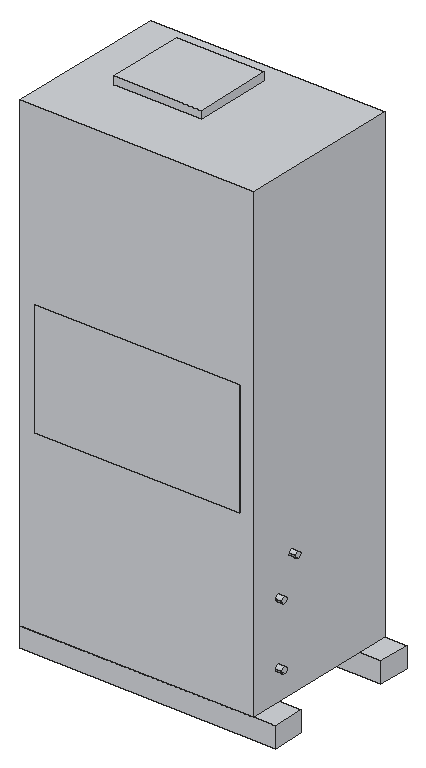
Revit family "35462c96e24b46b5b3bf146a3dc871b3", category Mechanical Equipment, Revit 2021
Family settings
  Round Connector Dimension = Use Radius
  Part Type = Normal
  OmniClass Number = 23.75.10.24.21.27.11
  OmniClass Title = Packaged Air Conditioners
  Seek Item ID = Air Conditioner - Vertical Packaged - Water Cooled - 3-5 Tons-0000-USA-ENU
  Work Plane-Based = No
  Always vertical = Yes
  Cut with Voids When Loaded = No
  Shared = No
  Room Calculation Point = No
Parameters (values of type "3 Tons")
  Voltage = 460 V
  Pressure Drop [instance] = 4.942 psi
  Outlet Radius = 3/8"
  Outlet Diameter = Outlet Radius * 2  # 3/4"
  Number of Poles = 3
  Unit Material = none
  Load Classification = Cooling
  Inlet Radius = 3/8"
  Inlet Diameter = Inlet Radius * 2  # 3/4"
  Height 2 = (Conditioner Height - Height 1) / 2  # 2' - 0 73/256"
  Height 1 = 1' - 3 77/128"
  Flow [instance] = 9 GPM
  Duct Width = 11 119/128"
  Duct Height = 10 161/256"
  Drain Radius = 3/8"
  Drain Flow [instance] = 0 GPM
  Default Elevation = 0' - 0"
  Conditioner Width = 1' - 10 61/256"
  Conditioner Length = 2' - 7 57/64"
  Conditioner Height = 5' - 4 11/64"
  C5 Offset 2 = 0' - 6 9/32"
  C5 Offset 1 = 1' - 8 51/256"
  C4 Offset 1 = 0' - 5 83/128"
  C3 Offset 2 = 0' - 10 69/256"
  C3 Offset 1 = 0' - 4 45/128"
  C2 Offset 2 = 0' - 8 37/64"
  C1 Offset 2 = 0' - 4 21/64"
  C1 Offset 1 = 0' - 3 241/256"
  Apparent Load = 3000 VA
  Air Flow [instance] = 1200 CFM
Types (3): name | Pressure Drop | Height 2 | Height 1 | Flow | Duct Width | Duct Height | Conditioner Width | Conditioner Length | Conditioner Height | C5 Offset 2 | C5 Offset 1 | C4 Offset 1 | C3 Offset 2 | C2 Offset 2 | C1 Offset 2 | Apparent Load | Air Flow
  (no name) | 4.942 psi | 2' - 0 73/256" | 1' - 3 77/128" | 9 GPM | 11 119/128" | 10 161/256" | 1' - 10 61/256" | 2' - 7 57/64" | 5' - 4 11/64" | 0' - 6 9/32" | 1' - 8 51/256" | 0' - 5 83/128" | 0' - 10 69/256" | 0' - 8 37/64" | 0' - 4 21/64" | 3000 VA | 1200 CFM
  3 Tons | 4.942 psi | 2' - 0 73/256" | 1' - 3 77/128" | 9 GPM | 11 119/128" | 10 161/256" | 1' - 10 61/256" | 2' - 7 57/64" | 5' - 4 11/64" | 0' - 6 9/32" | 1' - 8 51/256" | 0' - 5 83/128" | 0' - 10 69/256" | 0' - 8 37/64" | 0' - 4 21/64" | 3000 VA | 1200 CFM
  5 Tons | 6.459 psi | 2' - 3 1/2" | 1' - 8 251/256" | 15 GPM | 13 1/32" | 11 39/64" | 2' - 0 3/256" | 3' - 0 105/256" | 6' - 3 251/256" | 0' - 7 13/128" | 2' - 0 51/256" | 0' - 7 187/256" | 1' - 1 5/256" | 0' - 6 97/256" | 0' - 5 55/128" | 5300 VA | 2000 CFM
Reference planes (in)
  plane 1 "Center (Front/Back)": y = 0
  plane 2: z = 0
  plane 3 "Center (Left/Right)": x = 0
  plane 4: x = 31.89063
  plane 5: z = 66.93188
  plane 6: y = 22.23828
  plane 7: z = 2.76
  plane 8: z = 27.04516
  plane 9: z = 42.64672
  plane 10: x = 2
  plane 11: x = 29.89063
  plane 12: x = 34.89063
  plane 13: y = 4.3
  plane 14: y = 17.93828
  plane 15: z = 7.08813
  plane 16: z = 15.66625
  plane 17: y = 3.94141
  plane 18: z = 10.26953
  plane 19: y = 17.88672
  plane 20: x = 32.89063
  plane 21: x = 5.64844
  plane 22: x = 17.57813
  plane 23: y = 8.93937
  plane 24: y = 19.56828
  plane 25: z = 67.93188
  plane 26: z = 20.19922
  plane 27: y = 6.28125
Forms (in)
  Extrusion 1, solid, material <- "Unit Material"
    sketch origin (0, 0, 0) x (1, 0, 0) y (0, 1, 0)
      loop
        line (0, 22.23828) -> (0, 0) -> (31.89063, 0) -> (31.89063, 22.23828) -> (0, 22.23828)
    from 2.76 to 66.93188
  Extrusion 2, solid, material <- "Unit Material", detail levels fine
    sketch origin (0, 0, 0) x (1, 0, 0) y (0, 0, 1)
      loop
        line (2, 42.64672) -> (2, 27.04516) -> (29.89063, 27.04516) -> (29.89063, 42.64672) -> (2, 42.64672)
    from -19.56828 to 0
  Extrusion 3, solid, material <- "Unit Material"
    sketch origin (0, 0, 0) x (1, 0, 0) y (0, 0, 1)
      loop
        line (0, 2.76) -> (0, 0) -> (34.89063, 0) -> (34.89063, 2.76) -> (0, 2.76)
    from -4.3 to 0
  Extrusion 4, solid, material <- "Unit Material"
    sketch origin (0, 29.51953, 0) x (1, 0, 0) y (0, 0, -1)
      loop
        line (0, -2.76) -> (34.89063, -2.76) -> (34.89063, 0) -> (0, 0) -> (0, -2.76)
    from -11.58125 to -7.28125
  Extrusion 5, solid, material <- "Unit Material"
    sketch origin (0, 0, 0) x (0, 1, 0) y (0, 0, 1)
      loop
        circle (17.88672, 10.26953) r 0.5
    from 29.89062 to 31.89063
  Extrusion 6, solid, material <- "Unit Material"
    sketch origin (0, 0, 0) x (0, 1, 0) y (0, 0, 1)
      loop
        circle (3.94141, 7.08813) r 0.375
    from 31.89063 to 32.89062
  Extrusion 7, solid, material <- "Unit Material"
    sketch origin (0, 0, 0) x (0, 1, 0) y (0, 0, 1)
      loop
        circle (3.94141, 15.66625) r 0.375
    from 32.89062 to 31.89063
  Extrusion 8, solid
    sketch origin (0, 0, 0) x (1, 0, 0) y (0, 1, 0)
      loop
        line (5.64844, 19.56828) -> (5.64844, 8.93937) -> (17.57813, 8.93937) -> (17.57813, 19.56828) -> (5.64844, 19.56828)
    from 66.93188 to 67.93188
  Extrusion 9, solid
    sketch origin (0, 0, 0) x (0, 1, 0) y (0, 0, 1)
      loop
        circle (6.28125, 20.19922) r 0.375
    from 31.89063 to 32.89062
Cuts and joins
  joined: Extrusion 1, Extrusion 5, Extrusion 6, Extrusion 7
Lines and regions (in)
  model lines
    curve 1: line (2, 0, 39.52641) -> (29.89063, 0, 39.52641)
    curve 2: line (2, 0, 36.40609) -> (29.89063, 0, 36.40609)
    curve 3: line (2, 0, 33.28578) -> (29.89063, 0, 33.28578)
    curve 4: line (2, 0, 30.16547) -> (29.89063, 0, 30.16547)
Dimensions and locks (in)
  "Conditioner Length": plane 4 to plane 3 "Center (Left/Right)"
  "Conditioner Width": plane 1 "Center (Front/Back)" to plane 6
  locked: plane 7 to plane 2 at 2.76
  "Conditioner Height": plane 5 to plane 7
  "Height 2": plane 8 to plane 7
  "Height 1": plane 9 to plane 8
  locked: plane 10 to plane 3 "Center (Left/Right)" at 2
  locked: plane 4 to plane 11 at 2
  locked: plane 12 to plane 4 at 3
  locked: plane 1 "Center (Front/Back)" to plane 13 at 4.3
  locked: plane 14 to plane 6 at 4.3
  "C1 Offset 2": plane 15 to plane 7
  "C2 Offset 2": plane 16 to plane 15
  "C1 Offset 1": plane 1 "Center (Front/Back)" to plane 17
  "C3 Offset 2": plane 18 to plane 2
  "C3 Offset 1": plane 19 to plane 6
  locked: plane 4 to plane 20 at 1
  equal spacing: plane 9, curve 1, curve 2, curve 3, curve 4, plane 8
  "C4 Offset 1": plane 3 "Center (Left/Right)" to plane 21
  "Duct Width": plane 21 to plane 22
  locked: plane 24 to plane 6 at 2.67
  "Duct Height": plane 24 to plane 23
  locked: plane 25 to plane 5 at 1
  "C5 Offset 1": plane 26 to plane 2
  "C5 Offset 2": plane 27 to plane 1 "Center (Front/Back)"
  radius of Extrusion 5 sketch curve = 0' - 0 1/2"
  "Inlet Radius": radius of Extrusion 6 sketch curve
  "Outlet Radius": radius of Extrusion 7 sketch curve
  "Drain Radius": radius of Extrusion 9 sketch curve
  aligned and locked: plane 3 "Center (Left/Right)" to Extrusion 1 sketch curve
  aligned and locked: plane 6 to Extrusion 1 sketch curve
  aligned and locked: plane 1 "Center (Front/Back)" to Extrusion 1 sketch curve
  aligned and locked: Extrusion 1 sketch curve to plane 4
  aligned and locked: plane 5 to Extrusion 1
  aligned and locked: Extrusion 1 to plane 7
  aligned and locked: plane 10 to Extrusion 2 sketch curve
  aligned and locked: Extrusion 2 sketch curve to plane 9
  aligned and locked: plane 8 to Extrusion 2 sketch curve
  aligned and locked: Extrusion 2 sketch curve to plane 11
  aligned and locked: plane 2 to Extrusion 3 sketch curve
  aligned and locked: Extrusion 3 sketch curve to plane 7
  aligned and locked: plane 3 "Center (Left/Right)" to Extrusion 3 sketch curve
  aligned and locked: Extrusion 3 sketch curve to plane 12
  aligned and locked: plane 1 "Center (Front/Back)" to Extrusion 2
  aligned and locked: Extrusion 3 to plane 13
  aligned and locked: plane 1 "Center (Front/Back)" to Extrusion 3
  aligned and locked: Extrusion 4 to plane 6
  aligned and locked: plane 14 to Extrusion 4
  aligned and locked: plane 7 to Extrusion 3
  aligned and locked: Extrusion 3 to plane 2
  aligned and locked: Extrusion 3 to plane 3 "Center (Left/Right)"
  aligned and locked: plane 12 to Extrusion 3
  aligned and locked: plane 19 to Extrusion 5 sketch curve
  aligned and locked: plane 18 to Extrusion 5 sketch curve
  aligned and locked: plane 17 to Extrusion 6 sketch curve
  aligned and locked: plane 15 to Extrusion 6 sketch curve
  aligned and locked: plane 16 to Extrusion 7 sketch curve
  aligned and locked: plane 17 to Extrusion 7 sketch curve
  aligned and locked: plane 20 to Extrusion 7
  aligned and locked: Extrusion 7 to plane 4
  aligned and locked: plane 20 to Extrusion 6
  aligned and locked: Extrusion 6 to plane 4
  aligned and locked: plane 4 to Extrusion 5
  aligned and locked: Extrusion 5 to plane 11
  aligned and locked: plane 10 to curve 1
  aligned and locked: plane 11 to curve 1
  aligned and locked: plane 10 to curve 2
  aligned and locked: plane 11 to curve 2
  aligned and locked: plane 10 to curve 3
  aligned and locked: plane 11 to curve 3
  aligned and locked: plane 10 to curve 4
  aligned and locked: plane 11 to curve 4
  aligned and locked: plane 21 to Extrusion 8 sketch curve
  aligned and locked: Extrusion 8 sketch curve to plane 24
  aligned and locked: plane 23 to Extrusion 8 sketch curve
  aligned and locked: Extrusion 8 sketch curve to plane 22
  aligned and locked: Extrusion 8 to plane 5
  aligned and locked: plane 25 to Extrusion 8
  aligned and locked: plane 27 to Extrusion 9 sketch curve
  aligned and locked: plane 26 to Extrusion 9 sketch curve
  aligned and locked: plane 20 to Extrusion 9
  aligned and locked: Extrusion 9 to plane 4
Automatic sketch dimensions
  Extrusion 4 sketch curve to level = 0' - 0"
  Extrusion 4 sketch curve to plane 3 "Center (Left/Right)" = 0' - 0"
  Extrusion 4 sketch curve to plane 12 = 0' - 0"
  Extrusion 4 sketch curve to plane 7 = 0' - 0"
Connectors (in)
  piping at (32.89063, 3.94141, 7.08813), diameter 0.75, driven by "Flow", driven by "Inlet Radius"
    settings: on Extrusion 6, index 1, connector inside diameter 3/4", connector length 0' - 0", flow factor 0, pipe flow 9 GPM, pressure drop 0.00 psi, fitting loss kfactor 0, connector angle 0.00°, fixture units 0, engagement length 0' - 0", angle of deflection 0.00°, flow configuration 1, flow direction 1, fitting loss method 4, system type 7, joint type 0, gender type 0, connector reference index 2, connector utility 0, adjustable connector no, is connector primary yes, connector description "Cryogen In"
  piping at (32.89063, 3.94141, 15.66625), diameter 0.75, driven by "Pressure Drop", driven by "Flow", driven by "Outlet Radius"
    settings: on Extrusion 7, index 2, connector inside diameter 3/4", connector length 0' - 0", flow factor 0, pipe flow 9 GPM, pressure drop 4.942 psi, fitting loss kfactor 0, connector angle 0.00°, fixture units 0, engagement length 0' - 0", angle of deflection 0.00°, flow configuration 1, flow direction 2, fitting loss method 4, system type 8, joint type 0, gender type 0, connector reference index 1, connector utility 0, adjustable connector no, is connector primary no, connector description "Cryogen Out"
  electrical at (31.89063, 17.88672, 10.26953), driven by "Apparent Load", driven by "Voltage", driven by "Number of Poles", driven by "Load Classification"
    settings: on Extrusion 5, index 3, voltage 460 V, apparent load 3000 VA, apparent load phase1 0 VA, apparent load phase2 0 VA, apparent load phase3 0 VA, power factor 0.8, load classification "Cooling", number of poles 3, system type 30, power factor state 1, is connector primary yes, connector utility no, sub classification motor no, connector description ""
  hvac at (11.61328, 14.25383, 67.93188), driven by "Air Flow", driven by "Duct Height", driven by "Duct Width"
    settings: on Extrusion 8, index 4, duct flow 1200 CFM, flow factor 0, pres drop 0.00 in-wg, loss coef 0, conn angle 0.00°, conn width 11 119/128", conn height 10 161/256", conn diameter 24", duct sys type 1, conn prof type 1, flow config 0, flow direction 2, loss method 0, conn ref index -1, conn util no, is conn primary yes, conn desc ""
  piping at (32.89063, 6.28125, 20.19922), diameter 0.75, driven by "Drain Flow", driven by "Drain Radius"
    settings: on Extrusion 9, index 5, connector inside diameter 3/4", connector length 0' - 0", flow factor 0, pipe flow 0 GPM, pressure drop 0.00 psi, fitting loss kfactor 0, connector angle 0.00°, fixture units 0, engagement length 0' - 0", angle of deflection 0.00°, flow configuration 1, flow direction 2, fitting loss method 0, system type 16, joint type 0, gender type 0, connector reference index -1, connector utility 0, adjustable connector yes, is connector primary no, connector description ""
